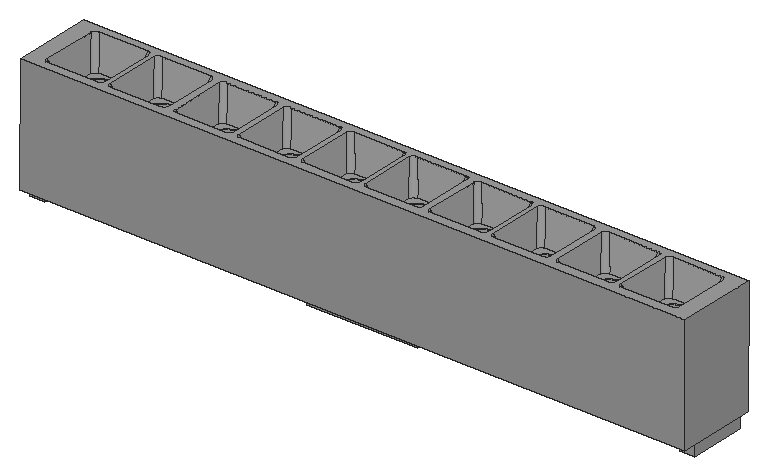
Revit family "Alcon - 15100_Multi-Cell Linear 15 Cells", category Lighting Fixtures, host Face, Revit 2025
Family settings
  Host = Face
  Round Connector Dimension = Use Diameter
  Part Type = Normal
  Cut with Voids When Loaded = No
  Light Source = Yes
  Maintain Annotation Orientation = No
  Shared = No
  Room Calculation Point = No
Parameters
  Wattage = 9.2903 W
  built-in parameter 1150110 = 1 (stored number, unit not read)
  built-in parameter 1114217 = 1 (stored number, unit not read)
  built-in parameter 1150109 = 1 (stored number, unit not read)
  built-in parameter 1150134 = 3
  built-in parameter 1150113 = 1 (stored number, unit not read)
  built-in parameter 1150105 = 439.27 (stored number, unit not read)
  Lumens = 1380 lm
  built-in parameter 1150115 = 1 (stored number, unit not read)
  Light Source Symbol Size = 2' - 0"
  built-in parameter 1150137 = (empty or 0)
  built-in parameter 1150139 = (empty or 0)
  built-in parameter 1150112 = 1 (stored number, unit not read)
  built-in parameter 1150114 = 1 (stored number, unit not read)
  built-in parameter 1150132 = (empty or 0)
  built-in parameter 1150102 = (empty or 0)
  built-in parameter 1150107 = 3200 (stored number, unit not read)
  built-in parameter 1150138 = (empty or 0)
  built-in parameter 1150106 = 4.3927 (stored number, unit not read)
  Housing = Default
  Glass Frosted = Glass, Frosted
  Fixture Length = 0' - 11.9"
  Emit from Line Length = 2' - 0"
  built-in parameter 1150104 = 13.8 (stored number, unit not read)
  Dimming Lamp Color Temperature Shift = (empty or 0)
  Default Elevation = 4' - 0"
  Color Filter = 16777215
  built-in parameter 1114218 = 1 (stored number, unit not read)
  built-in parameter 1150133 = 10 (stored number, unit not read)
Reference planes (in)
  plane 1 "Center (Front/Back)": y = 0
  plane 2: z = 0
  plane 3 "Center (Left/Right)": x = 0
Forms (in)
  Extrusion 1, solid, material "Default" <- "Housing"
    sketch origin (0, 0, 0) x (0, 1, 0) y (0, 0, 1)
      loop
        line (0.65, 2.17) -> (-0.65, 2.17) -> (-0.65, 0.25) -> (0.65, 0.25) -> (0.65, 2.17)
    from 0 to 10.8537
  Extrusion 2, solid, material "Default" <- "Housing"
    sketch origin (4.5206, 0.80127, 0) x (0, 1, 0) y (0, 0, 1)
      loop
        line (-0.32706, 0.25) -> (-1.25034, 0.25) -> (-1.25034, 0.0773) -> (-0.32706, 0.0773) -> (-0.32706, 0.25)
    from 0 to 1.8125
  Blend 3, void
    base sketch origin (0, 0.35, 2.17) x (1, 0, 0) y (0, 1, 0)
      loop
        arc (1.22022, 0.09362) -> (1.19708, 0.14947) -> (1.14122, 0.17261) r 0.07899
        line (1.14122, 0.17261) -> (0.33645, 0.17261)
        arc (0.33645, 0.17261) -> (0.28587, 0.15166) -> (0.26492, 0.10108) r 0.07153
        line (0.26492, 0.10108) -> (0.26492, -0.78581)
        arc (0.26492, -0.78581) -> (0.28529, -0.83498) -> (0.33446, -0.85535) r 0.06954
        line (0.33446, -0.85535) -> (1.13919, -0.85535)
        arc (1.13919, -0.85535) -> (1.19648, -0.83162) -> (1.22022, -0.77432) r 0.08102
        line (1.22022, -0.77432) -> (1.22022, 0.09362)
    top sketch origin (0, -0.35, 0.25) x (1, 0, 0) y (0, 1, 0)
      loop
        arc (0.49109, 0.69091) -> (0.43156, 0.66626) -> (0.4069, 0.60673) r 0.08418
        line (0.4069, 0.60673) -> (0.4069, 0.09695)
        arc (0.4069, 0.09695) -> (0.42965, 0.04204) -> (0.48456, 0.01929) r 0.07765
        line (0.48456, 0.01929) -> (0.99141, 0.01929)
        arc (0.99141, 0.01929) -> (1.05112, 0.04402) -> (1.07585, 0.10373) r 0.08444
        line (1.07585, 0.10373) -> (1.07585, 0.60691)
        arc (1.07585, 0.60691) -> (1.05125, 0.66631) -> (0.99185, 0.69091) r 0.084
        line (0.99185, 0.69091) -> (0.49109, 0.69091)
    from 0 to 1.45075
  Blend 4, void
    base sketch origin (1.03101, 0.35, 2.17) x (1, 0, 0) y (0, 1, 0)
      loop
        arc (1.22022, 0.09362) -> (1.19708, 0.14947) -> (1.14122, 0.17261) r 0.07899
        line (1.14122, 0.17261) -> (0.33645, 0.17261)
        arc (0.33645, 0.17261) -> (0.28587, 0.15166) -> (0.26492, 0.10108) r 0.07153
        line (0.26492, 0.10108) -> (0.26492, -0.78581)
        arc (0.26492, -0.78581) -> (0.28529, -0.83498) -> (0.33446, -0.85535) r 0.06954
        line (0.33446, -0.85535) -> (1.13919, -0.85535)
        arc (1.13919, -0.85535) -> (1.19648, -0.83162) -> (1.22022, -0.77432) r 0.08102
        line (1.22022, -0.77432) -> (1.22022, 0.09362)
    top sketch origin (1.03101, -0.35, 0.25) x (1, 0, 0) y (0, 1, 0)
      loop
        arc (0.49109, 0.69091) -> (0.43156, 0.66626) -> (0.4069, 0.60673) r 0.08418
        line (0.4069, 0.60673) -> (0.4069, 0.09695)
        arc (0.4069, 0.09695) -> (0.42965, 0.04204) -> (0.48456, 0.01929) r 0.07765
        line (0.48456, 0.01929) -> (0.99141, 0.01929)
        arc (0.99141, 0.01929) -> (1.05112, 0.04402) -> (1.07585, 0.10373) r 0.08444
        line (1.07585, 0.10373) -> (1.07585, 0.60691)
        arc (1.07585, 0.60691) -> (1.05125, 0.66631) -> (0.99185, 0.69091) r 0.084
        line (0.99185, 0.69091) -> (0.49109, 0.69091)
    from 0 to 1.45075
  Blend 5, void
    base sketch origin (2.09666, 0.35, 2.17) x (1, 0, 0) y (0, 1, 0)
      loop
        arc (1.22022, 0.09362) -> (1.19708, 0.14947) -> (1.14122, 0.17261) r 0.07899
        line (1.14122, 0.17261) -> (0.33645, 0.17261)
        arc (0.33645, 0.17261) -> (0.28587, 0.15166) -> (0.26492, 0.10108) r 0.07153
        line (0.26492, 0.10108) -> (0.26492, -0.78581)
        arc (0.26492, -0.78581) -> (0.28529, -0.83498) -> (0.33446, -0.85535) r 0.06954
        line (0.33446, -0.85535) -> (1.13919, -0.85535)
        arc (1.13919, -0.85535) -> (1.19648, -0.83162) -> (1.22022, -0.77432) r 0.08102
        line (1.22022, -0.77432) -> (1.22022, 0.09362)
    top sketch origin (2.09666, -0.35, 0.25) x (1, 0, 0) y (0, 1, 0)
      loop
        arc (0.49109, 0.69091) -> (0.43156, 0.66626) -> (0.4069, 0.60673) r 0.08418
        line (0.4069, 0.60673) -> (0.4069, 0.09695)
        arc (0.4069, 0.09695) -> (0.42965, 0.04204) -> (0.48456, 0.01929) r 0.07765
        line (0.48456, 0.01929) -> (0.99141, 0.01929)
        arc (0.99141, 0.01929) -> (1.05112, 0.04402) -> (1.07585, 0.10373) r 0.08444
        line (1.07585, 0.10373) -> (1.07585, 0.60691)
        arc (1.07585, 0.60691) -> (1.05125, 0.66631) -> (0.99185, 0.69091) r 0.084
        line (0.99185, 0.69091) -> (0.49109, 0.69091)
    from 0 to 1.45075
  Blend 6, void
    base sketch origin (3.13906, 0.35, 2.17) x (1, 0, 0) y (0, 1, 0)
      loop
        arc (1.22022, 0.09362) -> (1.19708, 0.14947) -> (1.14122, 0.17261) r 0.07899
        line (1.14122, 0.17261) -> (0.33645, 0.17261)
        arc (0.33645, 0.17261) -> (0.28587, 0.15166) -> (0.26492, 0.10108) r 0.07153
        line (0.26492, 0.10108) -> (0.26492, -0.78581)
        arc (0.26492, -0.78581) -> (0.28529, -0.83498) -> (0.33446, -0.85535) r 0.06954
        line (0.33446, -0.85535) -> (1.13919, -0.85535)
        arc (1.13919, -0.85535) -> (1.19648, -0.83162) -> (1.22022, -0.77432) r 0.08102
        line (1.22022, -0.77432) -> (1.22022, 0.09362)
    top sketch origin (3.13906, -0.35, 0.25) x (1, 0, 0) y (0, 1, 0)
      loop
        arc (0.49109, 0.69091) -> (0.43156, 0.66626) -> (0.4069, 0.60673) r 0.08418
        line (0.4069, 0.60673) -> (0.4069, 0.09695)
        arc (0.4069, 0.09695) -> (0.42965, 0.04204) -> (0.48456, 0.01929) r 0.07765
        line (0.48456, 0.01929) -> (0.99141, 0.01929)
        arc (0.99141, 0.01929) -> (1.05112, 0.04402) -> (1.07585, 0.10373) r 0.08444
        line (1.07585, 0.10373) -> (1.07585, 0.60691)
        arc (1.07585, 0.60691) -> (1.05125, 0.66631) -> (0.99185, 0.69091) r 0.084
        line (0.99185, 0.69091) -> (0.49109, 0.69091)
    from 0 to 1.45075
  Blend 7, void
    base sketch origin (4.17796, 0.35, 2.17) x (1, 0, 0) y (0, 1, 0)
      loop
        arc (1.22022, 0.09362) -> (1.19708, 0.14947) -> (1.14122, 0.17261) r 0.07899
        line (1.14122, 0.17261) -> (0.33645, 0.17261)
        arc (0.33645, 0.17261) -> (0.28587, 0.15166) -> (0.26492, 0.10108) r 0.07153
        line (0.26492, 0.10108) -> (0.26492, -0.78581)
        arc (0.26492, -0.78581) -> (0.28529, -0.83498) -> (0.33446, -0.85535) r 0.06954
        line (0.33446, -0.85535) -> (1.13919, -0.85535)
        arc (1.13919, -0.85535) -> (1.19648, -0.83162) -> (1.22022, -0.77432) r 0.08102
        line (1.22022, -0.77432) -> (1.22022, 0.09362)
    top sketch origin (4.17796, -0.35, 0.25) x (1, 0, 0) y (0, 1, 0)
      loop
        arc (0.49109, 0.69091) -> (0.43156, 0.66626) -> (0.4069, 0.60673) r 0.08418
        line (0.4069, 0.60673) -> (0.4069, 0.09695)
        arc (0.4069, 0.09695) -> (0.42965, 0.04204) -> (0.48456, 0.01929) r 0.07765
        line (0.48456, 0.01929) -> (0.99141, 0.01929)
        arc (0.99141, 0.01929) -> (1.05112, 0.04402) -> (1.07585, 0.10373) r 0.08444
        line (1.07585, 0.10373) -> (1.07585, 0.60691)
        arc (1.07585, 0.60691) -> (1.05125, 0.66631) -> (0.99185, 0.69091) r 0.084
        line (0.99185, 0.69091) -> (0.49109, 0.69091)
    from 0 to 1.45075
  Extrusion 8, void
    sketch origin (0, 0.35, 3.62075) x (0, 1, 0) y (1, 0, 0)
      loop
        circle (-0.34517, 0.7396) r 0.27249
      loop
        circle (-0.34517, 1.77061) r 0.27249
      loop
        circle (-0.34517, 2.83627) r 0.27249
      loop
        circle (-0.34517, 3.87866) r 0.27249
      loop
        circle (-0.34517, 4.91756) r 0.27249
      loop
        circle (-0.34517, 5.94706) r 0.27249
      loop
        circle (-0.34517, 6.97807) r 0.27249
      loop
        circle (-0.34517, 8.04373) r 0.27249
      loop
        circle (-0.34517, 9.08612) r 0.27249
      loop
        circle (-0.34517, 10.12502) r 0.27249
    from 1.86613 to 2.23575
  Extrusion 9, solid, material "Glass, Frosted" <- "Glass Frosted"
    sketch origin (0, 0.35, 3.62075) x (1, 0, 0) y (0, 1, 0)
      loop
        circle (5.94706, -0.34517) r 0.27249
      loop
        circle (6.97807, -0.34517) r 0.27249
      loop
        circle (8.04373, -0.34517) r 0.27249
      loop
        circle (9.08612, -0.34517) r 0.27249
      loop
        circle (10.12502, -0.34517) r 0.27249
      loop
        circle (0.7396, -0.34517) r 0.27249
      loop
        circle (1.77061, -0.34517) r 0.27249
      loop
        circle (2.83627, -0.34517) r 0.27249
      loop
        circle (3.87866, -0.34517) r 0.27249
      loop
        circle (4.91756, -0.34517) r 0.27249
    from -1.94806 to -1.92
  Extrusion 10, solid, material "Default" <- "Housing"
    sketch origin (0, -0.35, 0.25) x (1, 0, 0) y (0, -1, 0)
      loop
        line (0.24219, -0.82421) -> (0.24219, 0.09907) -> (0, 0.09907) -> (0, -0.82421) -> (0.24219, -0.82421)
      loop
        line (10.8537, -0.82421) -> (10.8537, 0.09907) -> (10.61152, 0.09907) -> (10.61152, -0.82421) -> (10.8537, -0.82421)
    from 0 to 0.1727
  Blend 11, void
    base sketch origin (5.20214, 0.35535, 2.17) x (1, 0, 0) y (0, 1, 0)
      loop
        arc (1.22022, 0.09362) -> (1.19708, 0.14947) -> (1.14122, 0.17261) r 0.07899
        line (1.14122, 0.17261) -> (0.33645, 0.17261)
        arc (0.33645, 0.17261) -> (0.28587, 0.15166) -> (0.26492, 0.10108) r 0.07153
        line (0.26492, 0.10108) -> (0.26492, -0.78581)
        arc (0.26492, -0.78581) -> (0.28529, -0.83498) -> (0.33446, -0.85535) r 0.06954
        line (0.33446, -0.85535) -> (1.13919, -0.85535)
        arc (1.13919, -0.85535) -> (1.19648, -0.83162) -> (1.22022, -0.77432) r 0.08102
        line (1.22022, -0.77432) -> (1.22022, 0.09362)
    top sketch origin (5.20214, -0.34465, 0.25) x (1, 0, 0) y (0, 1, 0)
      loop
        arc (0.49109, 0.69091) -> (0.43156, 0.66626) -> (0.4069, 0.60673) r 0.08418
        line (0.4069, 0.60673) -> (0.4069, 0.09695)
        arc (0.4069, 0.09695) -> (0.42965, 0.04204) -> (0.48456, 0.01929) r 0.07765
        line (0.48456, 0.01929) -> (0.99141, 0.01929)
        arc (0.99141, 0.01929) -> (1.05112, 0.04402) -> (1.07585, 0.10373) r 0.08444
        line (1.07585, 0.10373) -> (1.07585, 0.60691)
        arc (1.07585, 0.60691) -> (1.05125, 0.66631) -> (0.99185, 0.69091) r 0.084
        line (0.99185, 0.69091) -> (0.49109, 0.69091)
    from 0 to 1.45075
  Blend 12, void
    base sketch origin (6.25587, 0.35, 2.17) x (1, 0, 0) y (0, 1, 0)
      loop
        arc (1.22022, 0.09362) -> (1.19708, 0.14947) -> (1.14122, 0.17261) r 0.07899
        line (1.14122, 0.17261) -> (0.33645, 0.17261)
        arc (0.33645, 0.17261) -> (0.28587, 0.15166) -> (0.26492, 0.10108) r 0.07153
        line (0.26492, 0.10108) -> (0.26492, -0.78581)
        arc (0.26492, -0.78581) -> (0.28529, -0.83498) -> (0.33446, -0.85535) r 0.06954
        line (0.33446, -0.85535) -> (1.13919, -0.85535)
        arc (1.13919, -0.85535) -> (1.19648, -0.83162) -> (1.22022, -0.77432) r 0.08102
        line (1.22022, -0.77432) -> (1.22022, 0.09362)
    top sketch origin (6.25587, -0.35, 0.25) x (1, 0, 0) y (0, 1, 0)
      loop
        arc (0.49109, 0.69091) -> (0.43156, 0.66626) -> (0.4069, 0.60673) r 0.08418
        line (0.4069, 0.60673) -> (0.4069, 0.09695)
        arc (0.4069, 0.09695) -> (0.42965, 0.04204) -> (0.48456, 0.01929) r 0.07765
        line (0.48456, 0.01929) -> (0.99141, 0.01929)
        arc (0.99141, 0.01929) -> (1.05112, 0.04402) -> (1.07585, 0.10373) r 0.08444
        line (1.07585, 0.10373) -> (1.07585, 0.60691)
        arc (1.07585, 0.60691) -> (1.05125, 0.66631) -> (0.99185, 0.69091) r 0.084
        line (0.99185, 0.69091) -> (0.49109, 0.69091)
    from 0 to 1.45075
  Blend 13, void
    base sketch origin (7.28504, 0.35535, 2.17) x (1, 0, 0) y (0, 1, 0)
      loop
        arc (1.22022, 0.09362) -> (1.19708, 0.14947) -> (1.14122, 0.17261) r 0.07899
        line (1.14122, 0.17261) -> (0.33645, 0.17261)
        arc (0.33645, 0.17261) -> (0.28587, 0.15166) -> (0.26492, 0.10108) r 0.07153
        line (0.26492, 0.10108) -> (0.26492, -0.78581)
        arc (0.26492, -0.78581) -> (0.28529, -0.83498) -> (0.33446, -0.85535) r 0.06954
        line (0.33446, -0.85535) -> (1.13919, -0.85535)
        arc (1.13919, -0.85535) -> (1.19648, -0.83162) -> (1.22022, -0.77432) r 0.08102
        line (1.22022, -0.77432) -> (1.22022, 0.09362)
    top sketch origin (7.28504, -0.34465, 0.25) x (1, 0, 0) y (0, 1, 0)
      loop
        arc (0.49109, 0.69091) -> (0.43156, 0.66626) -> (0.4069, 0.60673) r 0.08418
        line (0.4069, 0.60673) -> (0.4069, 0.09695)
        arc (0.4069, 0.09695) -> (0.42965, 0.04204) -> (0.48456, 0.01929) r 0.07765
        line (0.48456, 0.01929) -> (0.99141, 0.01929)
        arc (0.99141, 0.01929) -> (1.05112, 0.04402) -> (1.07585, 0.10373) r 0.08444
        line (1.07585, 0.10373) -> (1.07585, 0.60691)
        arc (1.07585, 0.60691) -> (1.05125, 0.66631) -> (0.99185, 0.69091) r 0.084
        line (0.99185, 0.69091) -> (0.49109, 0.69091)
    from 0 to 1.45075
  Blend 14, void
    base sketch origin (8.34066, 0.35, 2.17) x (1, 0, 0) y (0, 1, 0)
      loop
        arc (1.22022, 0.09362) -> (1.19708, 0.14947) -> (1.14122, 0.17261) r 0.07899
        line (1.14122, 0.17261) -> (0.33645, 0.17261)
        arc (0.33645, 0.17261) -> (0.28587, 0.15166) -> (0.26492, 0.10108) r 0.07153
        line (0.26492, 0.10108) -> (0.26492, -0.78581)
        arc (0.26492, -0.78581) -> (0.28529, -0.83498) -> (0.33446, -0.85535) r 0.06954
        line (0.33446, -0.85535) -> (1.13919, -0.85535)
        arc (1.13919, -0.85535) -> (1.19648, -0.83162) -> (1.22022, -0.77432) r 0.08102
        line (1.22022, -0.77432) -> (1.22022, 0.09362)
    top sketch origin (8.34066, -0.35, 0.25) x (1, 0, 0) y (0, 1, 0)
      loop
        arc (0.49109, 0.69091) -> (0.43156, 0.66626) -> (0.4069, 0.60673) r 0.08418
        line (0.4069, 0.60673) -> (0.4069, 0.09695)
        arc (0.4069, 0.09695) -> (0.42965, 0.04204) -> (0.48456, 0.01929) r 0.07765
        line (0.48456, 0.01929) -> (0.99141, 0.01929)
        arc (0.99141, 0.01929) -> (1.05112, 0.04402) -> (1.07585, 0.10373) r 0.08444
        line (1.07585, 0.10373) -> (1.07585, 0.60691)
        arc (1.07585, 0.60691) -> (1.05125, 0.66631) -> (0.99185, 0.69091) r 0.084
        line (0.99185, 0.69091) -> (0.49109, 0.69091)
    from 0 to 1.45075
  Blend 15, void
    base sketch origin (9.38067, 0.35, 2.17) x (1, 0, 0) y (0, 1, 0)
      loop
        arc (1.22022, 0.09362) -> (1.19708, 0.14947) -> (1.14122, 0.17261) r 0.07899
        line (1.14122, 0.17261) -> (0.33645, 0.17261)
        arc (0.33645, 0.17261) -> (0.28587, 0.15166) -> (0.26492, 0.10108) r 0.07153
        line (0.26492, 0.10108) -> (0.26492, -0.78581)
        arc (0.26492, -0.78581) -> (0.28529, -0.83498) -> (0.33446, -0.85535) r 0.06954
        line (0.33446, -0.85535) -> (1.13919, -0.85535)
        arc (1.13919, -0.85535) -> (1.19648, -0.83162) -> (1.22022, -0.77432) r 0.08102
        line (1.22022, -0.77432) -> (1.22022, 0.09362)
    top sketch origin (9.38067, -0.35, 0.25) x (1, 0, 0) y (0, 1, 0)
      loop
        arc (0.49109, 0.69091) -> (0.43156, 0.66626) -> (0.4069, 0.60673) r 0.08418
        line (0.4069, 0.60673) -> (0.4069, 0.09695)
        arc (0.4069, 0.09695) -> (0.42965, 0.04204) -> (0.48456, 0.01929) r 0.07765
        line (0.48456, 0.01929) -> (0.99141, 0.01929)
        arc (0.99141, 0.01929) -> (1.05112, 0.04402) -> (1.07585, 0.10373) r 0.08444
        line (1.07585, 0.10373) -> (1.07585, 0.60691)
        arc (1.07585, 0.60691) -> (1.05125, 0.66631) -> (0.99185, 0.69091) r 0.084
        line (0.99185, 0.69091) -> (0.49109, 0.69091)
    from 0 to 1.45075
Cuts and joins
  Blend 3, Blend 4, Blend 5, Blend 6, Blend 7, Extrusion 8, Blend 11, Blend 12, Blend 13, Blend 14, Blend 15 cuts Extrusion 1
  Blend 11 cuts Extrusion 9
Lines and regions (in)
  reference lines
    curve 1: line (4.5206, -2.48319, 0) -> (4.5206, 2.01681, 0)
    curve 2: line (10.61152, 2.01681, 0) -> (10.61152, -2.48319, 0)
    curve 3: line (10.80921, 2.01681, 0) -> (10.80921, -2.48319, 0)
    curve 4: line (10.8537, 2.01681, 0) -> (10.8537, -2.48319, 0)
    curve 5: line (0.24219, 2.01681, 0) -> (0.24219, -2.48319, 0)
    curve 6: line (0.04449, 2.01681, 0) -> (0.04449, -2.48319, 0)
Dimensions and locks (in)
  aligned and locked: plane 2 to host face
  aligned and locked: level to host face
